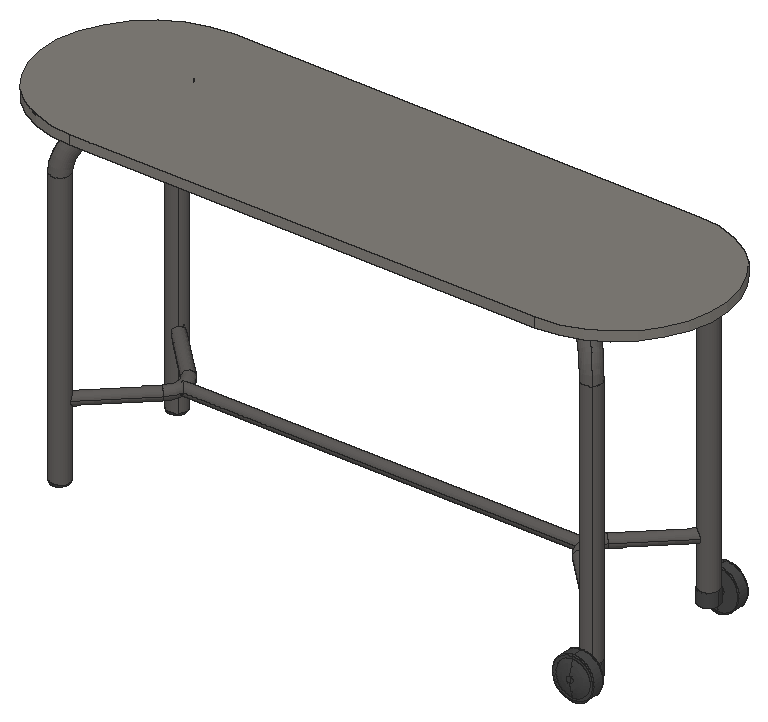
Revit family "Table-Teknion-CQTAZ_Racetrack_Agile_Table-R2020", category Furniture, Revit 2020
Family settings
  OmniClass Number = 23.40.20.00
  OmniClass Title = General Furniture and Specialties
  Work Plane-Based = No
  Always vertical = Yes
  Cut with Voids When Loaded = No
  Shared = Yes
  Room Calculation Point = No
Parameters (values of type "Counter Height")
  Warranty = "http://www.teknion.com/ca/papers/legal-canada"
  Unit Weight URL = "http://www.teknion.com/ca/tools/assets#&asset=bee6a381-b954-425e-8283-5a2de3a804f2,f828d448-4b62-4231-9e5f-9a8991c0ed77"
  URL = "www.teknion.com"
  Sustainability Data = "https://www.teknion.com/ca/tools/assets#&topic=216f99a5-57a0-44fc-b10a-9dee9b29ae4c&asset=444deb64-fe58-4b68-981e-f75e97781df7,b4ff2d81-9f2e-437d-9659-7cffb09c31cf"
  Surface Finish [instance] = Foundation Laminate-Teknion-DR-Striate-Charcoal
  Support Surface = no
  Support Frame = yes
  Series = "Routes"
  Product Page URL = "https://www.teknion.com/ca/products/product-details?productLineId=70f0476f-8e7a-673b-a6c8-ff05004460c4"
  Product Line = "Routes Tables"
  Product Documentation Link = "https://assets.teknion.com/m/72af4764f50e983c/original/Routes-Reference-Guide.pdf"
  Part Number = "CQTAZ"  # constant formula
  Model = "CQTAZC2272"
  Manufacturer Phone = "416-661-3370"  # constant formula
  Manufacturer Fax = "416.661.4586"  # constant formula
  Manufacturer Contact Information = "http://www.teknion.com/ca/contactus"
  Manufacturer Address = "1150 Flint Road, Toronto, ON. M3J 2J5. Canada"  # constant formula
  Manufacturer = "Teknion"  # constant formula
  How To Use Teknion Materials User Guide [instance] = "https://assets.teknion.com/m/205dd0a49fa58060/original/How-to-add-a-Material-Library-and-Texture-Images-to-your-Revit-project.pdf"
  Height = 36.000"
  Frame Finish [instance] = Paint - Teknion - Foundation - Expresso
  For Additional Finishes please visit [instance] = "https://assets.teknion.com/m/44a8009b046e5d47/original/Teknion_Materials_Library.zip"
  Foot Finish = Plastic - Teknion - E - Ebony
  Description = "Racetrack Agile Table, Counter Height, 22\" Depth, 72\" Width"
  Default Elevation = 0.000"
  Caster Finish = Plastic - Teknion - E - Ebony
  Assembly Code = "E2020200"
Types (4): name | Surface Finish | Support Surface | Support Frame | Model | Height | Frame Finish | Description
  (no name) | Foundation Laminate-Teknion-DR-Striate-Charcoal | no | yes | "CQTAZC2272" | 36.000" | Paint - Teknion - Foundation - Expresso | "Racetrack Agile Table, Counter Height, 22\" Depth, 72\" Width"
  Task Height | Foundation Laminate - Teknion - 2C - Urban Walnut | yes | no | "CQTAZT2272" | 29.000" | Paint - Teknion - Foundation - Crisp Grey | "Racetrack Agile Table, Task Height, 22\" Depth, 72\" Width"
  Counter Height | Foundation Laminate-Teknion-DR-Striate-Charcoal | no | yes | "CQTAZC2272" | 36.000" | Paint - Teknion - Foundation - Expresso | "Racetrack Agile Table, Counter Height, 22\" Depth, 72\" Width"
  Bar Height | Foundation Laminate - Teknion - LW - Storm White | no | yes | "CQTAZB2272" | 42.000" | Paint - Teknion - Foundation - Soft Gris | "Racetrack Agile Table, Bar Height, 22\" Depth, 72\" Width"
Reference planes (in)
  plane 1 "Center Front/Back": y = 0
  plane 2: z = 0
  plane 3 "Center Left/Right": x = 0
  plane 4 "Left": x = -36
  plane 5 "Right": x = 36
  plane 6 "Back": y = 11
  plane 7 "Front": y = -11
  plane 8 "Top": z = 36
  plane 9: z = 35
  plane 10: z = 29.75
  plane 11: z = 33.75
  plane 12: z = 34.66211
  plane 13: z = 0.2215
  plane 14: z = 1.57049
  plane 15: z = 2.99163
  plane 16: z = 34.925
  plane 17: z = 33.24982
  plane 18: z = 8
  plane 19: through (-23.0666, 2.41343, 48) normal (0.7071, 0.7071, 0)
  plane 20: x = -28.52048
  plane 21: x = 28.52048
  plane 22: through (-23.0666, -2.41343, 48) normal (-0.7071, 0.7071, 0)
  plane 23: through (23.0666, 2.41343, 48) normal (0.7071, -0.7071, 0)
  plane 24: through (23.0666, -2.41343, 48) normal (-0.7071, -0.7071, 0)
Forms (in)
  Sweep 1, solid, material "Paint - Teknion - Foundation - Expresso" <- "Frame Finish", visible <- "Support Surface"
    path origin (0, 0, 0) x (1, 0, 0) y (0, 0, 1)
      loop
        line (0, 35) -> (0, 34.925)
    profile origin (0, 0, 34.9625) x (0, -1, 0) y (1, 0, 0)
      loop
        line (-0.993, -19.6455) -> (0.993, -19.6455)
        arc (0.993, -19.6455) -> (1.43494, -19.46244) -> (1.618, -19.0205) r 0.625
        line (1.618, -19.0205) -> (1.618, 19.0205)
        arc (1.618, 19.0205) -> (1.43494, 19.46244) -> (0.993, 19.6455) r 0.625
        line (0.993, 19.6455) -> (-0.993, 19.6455)
        arc (-0.993, 19.6455) -> (-1.43494, 19.46244) -> (-1.618, 19.0205) r 0.625
        line (-1.618, 19.0205) -> (-1.618, -19.0205)
        arc (-1.618, -19.0205) -> (-1.43494, -19.46244) -> (-0.993, -19.6455) r 0.625
  SweptBlend 2, solid, material "Paint - Teknion - Foundation - Expresso" <- "Frame Finish", visible <- "Support Surface"
    path origin (0, 0, 0) x (1, 0, 0) y (0, 0, 1)
      loop
        line (0, 34.925) -> (0, 33.24982)
    profile origin (0, 0, 34.925) x (0, -1, 0) y (1, 0, 0)
      loop
        line (0.97669, -18.50606) -> (0.97669, 18.50606)
        arc (0.97669, 18.50606) -> (0.82815, 18.86468) -> (0.46952, 19.01323) r 0.50718
        line (0.46952, 19.01323) -> (-0.46952, 19.01323)
        arc (-0.46952, 19.01323) -> (-0.82815, 18.86468) -> (-0.97669, 18.50606) r 0.50718
        line (-0.97669, 18.50606) -> (-0.97669, -18.50606)
        arc (-0.97669, -18.50606) -> (-0.82815, -18.86468) -> (-0.46952, -19.01323) r 0.50718
        line (-0.46952, -19.01323) -> (0.46952, -19.01323)
        arc (0.46952, -19.01323) -> (0.82815, -18.86468) -> (0.97669, -18.50606) r 0.50718
    end profile origin (0, 0, 33.24982) x (0, -1, 0) y (1, 0, 0)
      loop
        line (-0.098, -18.52209) -> (0.098, -18.52209)
        arc (0.098, -18.52209) -> (0.29255, -18.44151) -> (0.37314, -18.24696) r 0.27514
        line (0.37314, -18.24696) -> (0.37314, 18.24696)
        arc (0.37314, 18.24696) -> (0.29255, 18.44151) -> (0.098, 18.52209) r 0.27514
        line (0.098, 18.52209) -> (-0.098, 18.52209)
        arc (-0.098, 18.52209) -> (-0.29255, 18.44151) -> (-0.37314, 18.24696) r 0.27514
        line (-0.37314, 18.24696) -> (-0.37314, -18.24696)
        arc (-0.37314, -18.24696) -> (-0.29255, -18.44151) -> (-0.098, -18.52209) r 0.27514
  Sweep 3, solid, material "Paint - Teknion - Foundation - Expresso" <- "Frame Finish"
    path origin (0, 0, 0) x (1, 0, 0) y (0, 0, 1)
      loop
        line (-36, 35) -> (-36, 34.66211)
    profile origin (-36, 0, 34.83105) x (0, -1, 0) y (1, 0, 0)
      loop
        arc (6.62174, 11.37674) -> (6.84141, 11.90707) -> (6.62174, 12.4374) r 0.75
        line (6.62174, 12.4374) -> (4.2098, 14.84934)
        arc (4.2098, 14.84934) -> (3.67947, 15.06901) -> (3.14914, 14.84934) r 0.75
        line (3.14914, 14.84934) -> (0.49749, 12.19769)
        arc (0.49749, 12.19769) -> (0.27782, 11.66736) -> (0.49749, 11.13703) r 0.75
        line (0.49749, 11.13703) -> (2.90943, 8.72508)
        arc (2.90943, 8.72508) -> (3.43976, 8.50541) -> (3.97009, 8.72508) r 0.75
        line (3.97009, 8.72508) -> (6.62174, 11.37674)
      loop
        line (-6.62174, 11.37674) -> (-3.97009, 8.72508)
        arc (-3.97009, 8.72508) -> (-3.43976, 8.50541) -> (-2.90943, 8.72508) r 0.75
        line (-2.90943, 8.72508) -> (-0.49749, 11.13703)
        arc (-0.49749, 11.13703) -> (-0.27782, 11.66736) -> (-0.49749, 12.19769) r 0.75
        line (-0.49749, 12.19769) -> (-3.14914, 14.84934)
        arc (-3.14914, 14.84934) -> (-3.67947, 15.06901) -> (-4.2098, 14.84934) r 0.75
        line (-4.2098, 14.84934) -> (-6.62174, 12.4374)
        arc (-6.62174, 12.4374) -> (-6.84141, 11.90707) -> (-6.62174, 11.37674) r 0.75
      loop
        line (6.62174, 60.62326) -> (3.97009, 63.27492)
        arc (3.97009, 63.27492) -> (3.43976, 63.49459) -> (2.90943, 63.27492) r 0.75
        line (2.90943, 63.27492) -> (0.49749, 60.86297)
        arc (0.49749, 60.86297) -> (0.27782, 60.33264) -> (0.49749, 59.80231) r 0.75
        line (0.49749, 59.80231) -> (3.14914, 57.15066)
        arc (3.14914, 57.15066) -> (3.67947, 56.93099) -> (4.2098, 57.15066) r 0.75
        line (4.2098, 57.15066) -> (6.62174, 59.5626)
        arc (6.62174, 59.5626) -> (6.84141, 60.09293) -> (6.62174, 60.62326) r 0.75
      loop
        arc (-6.62174, 60.62326) -> (-6.84141, 60.09293) -> (-6.62174, 59.5626) r 0.75
        line (-6.62174, 59.5626) -> (-4.2098, 57.15066)
        arc (-4.2098, 57.15066) -> (-3.67947, 56.93099) -> (-3.14914, 57.15066) r 0.75
        line (-3.14914, 57.15066) -> (-0.49749, 59.80231)
        arc (-0.49749, 59.80231) -> (-0.27782, 60.33264) -> (-0.49749, 60.86297) r 0.75
        line (-0.49749, 60.86297) -> (-2.90943, 63.27492)
        arc (-2.90943, 63.27492) -> (-3.43976, 63.49459) -> (-3.97009, 63.27492) r 0.75
        line (-3.97009, 63.27492) -> (-6.62174, 60.62326)
  Sweep 4, solid, material "Foundation Laminate-Teknion-DR-Striate-Charcoal" <- "Surface Finish"
    path origin (0, 0, 0) x (1, 0, 0) y (0, 0, 1)
      loop
        line (0, 36) -> (0, 35)
    profile origin (0, 0, 35.5) x (0, -1, 0) y (1, 0, 0)
      loop
        arc (-11, -25) -> (0, -36) -> (11, -25) r 11
        line (11, -25) -> (11, 25)
        arc (11, 25) -> (0, 36) -> (-11, 25) r 11
        line (-11, 25) -> (-11, -25)
  Sweep 5, solid, material "Paint - Teknion - Foundation - Expresso" <- "Frame Finish"
    path origin (-23.0666, -2.41343, 48) x (-0.707107, -0.707107, 0) y (0, 0, 1)
      loop
        line (-1.71291, -14.25) -> (3.71296, -14.25)
        arc (3.71296, -14.25) -> (6.54138, -15.42157) -> (7.71296, -18.25) r 4
        line (7.71296, -18.25) -> (7.71296, -47.7785)
    profile origin (-23.77372, -3.12055, 33.75) x (0, 0, -1) y (0.707107, -0.707107, 0)
      loop
        circle (0, 0) r 1
  Sweep 6, solid, material "Paint - Teknion - Foundation - Expresso" <- "Frame Finish"
    path origin (-23.0666, 2.41343, 48) x (-0.707107, 0.707107, 0) y (0, 0, 1)
      loop
        line (-1.71291, -14.25) -> (3.71296, -14.25)
        arc (3.71296, -14.25) -> (6.54138, -15.42157) -> (7.71296, -18.25) r 4
        line (7.71296, -18.25) -> (7.71296, -47.7785)
    profile origin (-23.77372, 3.12055, 33.75) x (0, 0, 1) y (0.707107, 0.707107, 0)
      loop
        circle (0, 0) r 1
  Sweep 7, solid, material "Paint - Teknion - Foundation - Expresso" <- "Frame Finish"
    path origin (23.0666, -2.41343, 48) x (0.707107, -0.707107, 0) y (0, 0, 1)
      loop
        line (-1.71291, -14.25) -> (3.71296, -14.25)
        arc (3.71296, -14.25) -> (6.54138, -15.42157) -> (7.71296, -18.25) r 4
        line (7.71296, -18.25) -> (7.71296, -45.00837)
    profile origin (23.77372, -3.12055, 33.75) x (0, 0, 1) y (-0.707107, -0.707107, 0)
      loop
        circle (0, 0) r 1
  Sweep 8, solid, material "Paint - Teknion - Foundation - Expresso" <- "Frame Finish"
    path origin (23.0666, 2.41343, 48) x (0.707107, 0.707107, 0) y (0, 0, 1)
      loop
        line (-1.71291, -14.25) -> (3.71296, -14.25)
        arc (3.71296, -14.25) -> (6.54138, -15.42157) -> (7.71296, -18.25) r 4
        line (7.71296, -18.25) -> (7.71296, -45.00837)
    profile origin (23.77372, 3.12055, 33.75) x (0, 0, -1) y (-0.707107, 0.707107, 0)
      loop
        circle (0, 0) r 1
  Revolve 9, solid, material "Plastic - Teknion - E - Ebony" <- "Foot Finish"
    sketch origin (-28.52048, 12.70093, 48) x (0, 1, 0) y (0, 0, 1)
      loop
        line (-4.83362, -47.7785) -> (-4.83362, -48) -> (-4.05512, -48)
        arc (-4.05512, -48) -> (-3.8985, -47.93512) -> (-3.83362, -47.7785) r 0.2215
        line (-3.83362, -47.7785) -> (-4.83362, -47.7785)
      axis (-4.83362, -47.7785) -> (-4.83362, -48)
    angle from 0 to 360
  Revolve 10, solid, material "Plastic - Teknion - E - Ebony" <- "Foot Finish"
    sketch origin (-28.52048, 12.70093, 48) x (0, 1, 0) y (0, 0, 1)
      loop
        line (-20.56825, -47.7785) -> (-21.56825, -47.7785)
        arc (-21.56825, -47.7785) -> (-21.50337, -47.93512) -> (-21.34675, -48) r 0.2215
        line (-21.34675, -48) -> (-20.56825, -48) -> (-20.56825, -47.7785)
      axis (-20.56825, -47.7785) -> (-20.56825, -48)
    angle from 0 to 360
  Sweep 11, solid, material "Paint - Teknion - Foundation - Expresso" <- "Frame Finish", visible <- "Support Frame"
    path origin (-37.6282, -180, 8) x (-1, 0, 0) y (0, -1, 0)
      loop
        line (-9.10772, -172.13269) -> (-15.19312, -178.21809)
        arc (-15.19312, -178.21809) -> (-15.93121, -180) -> (-15.19312, -181.78191) r 2.52
        line (-15.19312, -181.78191) -> (-9.10772, -187.86731)
    profile origin (-25.47778, 4.82461, 8) x (-0.707107, -0.707107, 0) y (0, 0, 1)
      loop
        circle (0, 0) r 0.62531
  Sweep 12, solid, material "Paint - Teknion - Foundation - Expresso" <- "Frame Finish", visible <- "Support Frame"
    path origin (-37.6282, -180, 8) x (-1, 0, 0) y (0, -1, 0)
      loop
        line (-66.14868, -187.86731) -> (-60.06328, -181.78191)
        arc (-60.06328, -181.78191) -> (-59.32519, -180) -> (-60.06328, -178.21809) r 2.52
        line (-60.06328, -178.21809) -> (-66.14868, -172.13269)
    profile origin (25.47778, 4.82461, 8) x (0.707107, -0.707107, 0) y (0, 0, 1)
      loop
        circle (0, 0) r 0.62539
  Sweep 13, solid, material "Paint - Teknion - Foundation - Expresso" <- "Frame Finish", visible <- "Support Frame"
    path origin (-37.6282, -180, 8) x (-1, 0, 0) y (0, -1, 0)
      loop
        line (-15.98272, -180) -> (-59.27388, -180)
    profile origin (0.0001, 0, 8) x (0, 1, 0) y (0, 0, 1)
      loop
        circle (0, 0) r 0.62507
  Sweep 14, solid, material "Plastic - Teknion - E - Ebony" <- "Foot Finish"
    path origin (28.52048, 12.70093, 48) x (0, 1, 0) y (0, 0, 1)
      loop
        line (-12.70093, -45.00837) -> (-12.70093, -46.42951)
    profile origin (28.52048, 0, 2.28106) x (1, 0, 0) y (0, 1, 0)
      loop
        circle (0, 7.86731) r 1.06
      loop
        circle (0, -7.86731) r 1.06
  Revolve 15, solid, material "Plastic - Teknion - E - Ebony" <- "Foot Finish"
    sketch origin (28.52048, 12.70093, 48) x (0, 1, 0) y (0, 0, 1)
      loop
        line (-21.78525, -47.9408) -> (-21.78525, -46.36428)
        arc (-21.78525, -46.36428) -> (-21.75947, -46.30206) -> (-21.69725, -46.27628) r 0.088
        line (-21.69725, -46.27628) -> (-21.40769, -46.27628) -> (-21.40769, -45.76568) -> (-23.41714, -45.76568) -> (-23.41714, -46.14793)
        arc (-23.41714, -46.14793) -> (-23.32532, -46.89469) -> (-23.05533, -47.59696) r 3.08254
        line (-23.05533, -47.59696) -> (-23.05533, -47.9408)
        arc (-23.05533, -47.9408) -> (-23.03799, -47.98266) -> (-22.99613, -48) r 0.0592
        line (-22.99613, -48) -> (-21.84444, -48)
        arc (-21.84444, -48) -> (-21.80259, -47.98266) -> (-21.78525, -47.9408) r 0.0592
      loop
        arc (-3.61662, -47.9408) -> (-3.59928, -47.98266) -> (-3.55743, -48) r 0.0592
        line (-3.55743, -48) -> (-2.40574, -48)
        arc (-2.40574, -48) -> (-2.36388, -47.98266) -> (-2.34654, -47.9408) r 0.0592
        line (-2.34654, -47.9408) -> (-2.34654, -47.59696)
        arc (-2.34654, -47.59696) -> (-2.07655, -46.89469) -> (-1.98473, -46.14793) r 3.08254
        line (-1.98473, -46.14793) -> (-1.98473, -45.76568) -> (-3.99418, -45.76568) -> (-3.99418, -46.27628) -> (-3.70462, -46.27628)
        arc (-3.70462, -46.27628) -> (-3.6424, -46.30206) -> (-3.61662, -46.36428) r 0.088
        line (-3.61662, -46.36428) -> (-3.61662, -47.9408)
      axis (-23.41714, -45.76568) -> (-1.98473, -45.76568)
    angle from 0 to 360
Lines and regions (in)
  Masking region 1
    outline origin (-37.6282, -180, 8) x (-1, 0, 0) y (0, -1, 0)
      loop
        arc (-62.6282, -169) -> (-63.96148, -169.0811) -> (-65.2751, -169.32321) r 11
        arc (-65.2751, -169.32321) -> (-65.51998, -169.29367) -> (-65.76643, -169.2838) r 3.08254
        line (-65.76643, -169.2838) -> (-66.53094, -169.2838)
        arc (-66.53094, -169.2838) -> (-67.2777, -169.37562) -> (-67.97997, -169.64561) r 3.08254
        line (-67.97997, -169.64561) -> (-68.32381, -169.64561)
        arc (-68.32381, -169.64561) -> (-68.36567, -169.66295) -> (-68.38301, -169.7048) r 0.0592
        line (-68.38301, -169.7048) -> (-68.38301, -170.62545)
        arc (-68.38301, -170.62545) -> (-73.6282, -180) -> (-68.38301, -189.37455) r 11
        line (-68.38301, -189.37455) -> (-68.38301, -190.2952)
        arc (-68.38301, -190.2952) -> (-68.36567, -190.33705) -> (-68.32381, -190.35439) r 0.0592
        line (-68.32381, -190.35439) -> (-67.97997, -190.35439)
        arc (-67.97997, -190.35439) -> (-67.2777, -190.62438) -> (-66.53094, -190.7162) r 3.08254
        line (-66.53094, -190.7162) -> (-65.76643, -190.7162)
        arc (-65.76643, -190.7162) -> (-65.51998, -190.70633) -> (-65.2751, -190.67679) r 3.08254
        arc (-65.2751, -190.67679) -> (-63.96148, -190.9189) -> (-62.6282, -191) r 11
        line (-62.6282, -191) -> (-12.6282, -191)
        arc (-12.6282, -191) -> (-1.6282, -180) -> (-12.6282, -169) r 11
        line (-12.6282, -169) -> (-62.6282, -169)
  reference lines
    curve 1: line (-36, 11, 0) -> (-36, -11, 0)
    curve 2: line (-36, -11, 0) -> (36, -11, 0)
    curve 3: line (36, -11, 0) -> (36, 11, 0)
    curve 4: line (36, 11, 0) -> (-36, 11, 0)
  symbolic lines, style "FurnitureHiddenLines", visible <- "Support Surface", detail levels medium+fine
    curve 5: line (19.0205, 1.618, 0) -> (-19.0205, 1.618, 0)
    curve 6: line (-19.6455, 0.993, 0) -> (-19.6455, -0.993, 0)
    curve 7: line (-19.0205, -1.618, 0) -> (19.0205, -1.618, 0)
    curve 8: arc (-19.6455, -0.993, 0) -> (-19.46244, -1.43494, 0) -> (-19.0205, -1.618, 0) r 0.625
    curve 9: arc (-19.0205, 1.618, 0) -> (-19.46244, 1.43494, 0) -> (-19.6455, 0.993, 0) r 0.625
    curve 10: line (19.6455, -0.993, 0) -> (19.6455, 0.993, 0)
    curve 11: arc (19.6455, 0.993, 0) -> (19.46244, 1.43494, 0) -> (19.0205, 1.618, 0) r 0.625
    curve 12: arc (19.0205, -1.618, 0) -> (19.46244, -1.43494, 0) -> (19.6455, -0.993, 0) r 0.625
    curve 13: line (-18.50606, -0.97669, 0) -> (18.50606, -0.97669, 0)
    curve 14: line (18.24696, -0.37314, 0) -> (-18.24696, -0.37314, 0)
    curve 15: line (-18.24696, 0.37314, 0) -> (18.24696, 0.37314, 0)
    curve 16: line (18.50606, 0.97669, 0) -> (-18.50606, 0.97669, 0)
    curve 17: line (19.01323, -0.46952, 0) -> (19.01323, 0.46952, 0)
    curve 18: line (18.52209, 0.098, 0) -> (18.52209, -0.098, 0)
    curve 19: arc (18.24696, 0.37314, 0) -> (18.44151, 0.29255, 0) -> (18.52209, 0.098, 0) r 0.27514
    curve 20: arc (19.01323, 0.46952, 0) -> (18.86468, 0.82815, 0) -> (18.50606, 0.97669, 0) r 0.50718
    curve 21: arc (18.50606, -0.97669, 0) -> (18.86468, -0.82815, 0) -> (19.01323, -0.46952, 0) r 0.50718
    curve 22: arc (18.52209, -0.098, 0) -> (18.44151, -0.29255, 0) -> (18.24696, -0.37314, 0) r 0.27514
    curve 23: line (-19.01323, 0.46952, 0) -> (-19.01323, -0.46952, 0)
    curve 24: arc (-18.50606, 0.97669, 0) -> (-18.86468, 0.82815, 0) -> (-19.01323, 0.46952, 0) r 0.50718
    curve 25: arc (-19.01323, -0.46952, 0) -> (-18.86468, -0.82815, 0) -> (-18.50606, -0.97669, 0) r 0.50718
    curve 26: line (-18.52209, -0.098, 0) -> (-18.52209, 0.098, 0)
    curve 27: arc (-18.52209, 0.098, 0) -> (-18.44151, 0.29255, 0) -> (-18.24696, 0.37314, 0) r 0.27514
    curve 28: arc (-18.24696, -0.37314, 0) -> (-18.44151, -0.29255, 0) -> (-18.52209, -0.098, 0) r 0.27514
  symbolic lines, style "FurnitureHiddenLines", detail levels medium+fine
    curve 29: line (-21.15066, 4.2098, 8) -> (-23.5626, 6.62174, 8)
    curve 30: arc (-23.5626, 6.62174, 8) -> (-24.09293, 6.84141, 8) -> (-24.62326, 6.62174, 8) r 0.75
    curve 31: line (-24.62326, 6.62174, 8) -> (-27.27492, 3.97009, 8)
    curve 32: arc (-27.27492, 3.97009, 8) -> (-27.49459, 3.43976, 8) -> (-27.27492, 2.90943, 8) r 0.75
    curve 33: line (-27.27492, 2.90943, 8) -> (-24.86297, 0.49749, 8)
    curve 34: arc (-24.86297, 0.49749, 8) -> (-24.33264, 0.27782, 8) -> (-23.80231, 0.49749, 8) r 0.75
    curve 35: line (-23.80231, 0.49749, 8) -> (-21.15066, 3.14914, 8)
    curve 36: arc (-21.15066, 3.14914, 8) -> (-20.93099, 3.67947, 8) -> (-21.15066, 4.2098, 8) r 0.75
    curve 37: line (-21.15066, -3.14914, 8) -> (-23.80231, -0.49749, 8)
    curve 38: arc (-23.80231, -0.49749, 8) -> (-24.33264, -0.27782, 8) -> (-24.86297, -0.49749, 8) r 0.75
    curve 39: line (-24.86297, -0.49749, 8) -> (-27.27492, -2.90943, 8)
    curve 40: arc (-27.27492, -2.90943, 8) -> (-27.49459, -3.43976, 8) -> (-27.27492, -3.97009, 8) r 0.75
    curve 41: line (-27.27492, -3.97009, 8) -> (-24.62326, -6.62174, 8)
    curve 42: arc (-24.62326, -6.62174, 8) -> (-24.09293, -6.84141, 8) -> (-23.5626, -6.62174, 8) r 0.75
    curve 43: line (-23.5626, -6.62174, 8) -> (-21.15066, -4.2098, 8)
    curve 44: arc (-21.15066, -4.2098, 8) -> (-20.93099, -3.67947, 8) -> (-21.15066, -3.14914, 8) r 0.75
    curve 45: line (21.15066, -4.2098, 8) -> (23.5626, -6.62174, 8)
    curve 46: arc (23.5626, -6.62174, 8) -> (24.09293, -6.84141, 8) -> (24.62326, -6.62174, 8) r 0.75
    curve 47: line (24.62326, -6.62174, 8) -> (27.27492, -3.97009, 8)
    curve 48: arc (27.27492, -3.97009, 8) -> (27.49459, -3.43976, 8) -> (27.27492, -2.90943, 8) r 0.75
    curve 49: line (27.27492, -2.90943, 8) -> (24.86297, -0.49749, 8)
    curve 50: arc (24.86297, -0.49749, 8) -> (24.33264, -0.27782, 8) -> (23.80231, -0.49749, 8) r 0.75
    curve 51: line (23.80231, -0.49749, 8) -> (21.15066, -3.14914, 8)
    curve 52: arc (21.15066, -3.14914, 8) -> (20.93099, -3.67947, 8) -> (21.15066, -4.2098, 8) r 0.75
    curve 53: line (24.86297, 0.49749, 8) -> (27.27492, 2.90943, 8)
    curve 54: arc (27.27492, 2.90943, 8) -> (27.49459, 3.43976, 8) -> (27.27492, 3.97009, 8) r 0.75
    curve 55: line (27.27492, 3.97009, 8) -> (24.62326, 6.62174, 8)
    curve 56: arc (24.62326, 6.62174, 8) -> (24.09293, 6.84141, 8) -> (23.5626, 6.62174, 8) r 0.75
    curve 57: line (23.5626, 6.62174, 8) -> (21.15066, 4.2098, 8)
    curve 58: arc (21.15066, 4.2098, 8) -> (20.93099, 3.67947, 8) -> (21.15066, 3.14914, 8) r 0.75
    curve 59: line (21.15066, 3.14914, 8) -> (23.80231, 0.49749, 8)
    curve 60: arc (23.80231, 0.49749, 8) -> (24.33264, 0.27782, 8) -> (24.86297, 0.49749, 8) r 0.75
    curve 61: arc (-29.22759, -8.57442, 8) -> (-27.81338, -8.57442, 8) -> (-27.81338, -7.16021, 8) r 1
    curve 62: arc (-27.81338, -7.16021, 8) -> (-29.22759, -7.16021, 8) -> (-29.22759, -8.57442, 8) r 1
    curve 63: line (-29.22759, -7.16021, 8) -> (-22.56249, -0.49511, 8)
    curve 64: line (-27.81338, -8.57442, 8) -> (-21.14828, -1.90932, 8)
    curve 65: line (-22.56249, -0.49511, 8) -> (-21.14828, -1.90932, 8)
    curve 66: arc (-27.81338, 7.16021, 8) -> (-27.81338, 8.57442, 8) -> (-29.22759, 8.57442, 8) r 1
    curve 67: arc (-29.22759, 8.57442, 8) -> (-29.22759, 7.16021, 8) -> (-27.81338, 7.16021, 8) r 1
    curve 68: line (-29.22759, 7.16021, 8) -> (-22.56249, 0.49511, 8)
    curve 69: line (-27.81338, 8.57442, 8) -> (-21.14828, 1.90932, 8)
    curve 70: line (-21.14828, 1.90932, 8) -> (-22.56249, 0.49511, 8)
    curve 71: arc (27.81338, 7.16021, 8) -> (29.22759, 7.16021, 8) -> (29.22759, 8.57442, 8) r 1
    curve 72: arc (29.22759, 8.57442, 8) -> (27.81338, 8.57442, 8) -> (27.81338, 7.16021, 8) r 1
    curve 73: line (27.81338, 8.57442, 8) -> (21.14828, 1.90932, 8)
    curve 74: line (29.22759, 7.16021, 8) -> (22.56249, 0.49511, 8)
    curve 75: line (22.56249, 0.49511, 8) -> (21.14828, 1.90932, 8)
    curve 76: arc (29.22759, -8.57442, 8) -> (29.22759, -7.16021, 8) -> (27.81338, -7.16021, 8) r 1
    curve 77: arc (27.81338, -7.16021, 8) -> (27.81338, -8.57442, 8) -> (29.22759, -8.57442, 8) r 1
    curve 78: line (29.22759, -7.16021, 8) -> (22.56249, -0.49511, 8)
    curve 79: line (27.81338, -8.57442, 8) -> (21.14828, -1.90932, 8)
    curve 80: line (21.14828, -1.90932, 8) -> (22.56249, -0.49511, 8)
  symbolic lines
    curve 81: arc (25, -11, 8) -> (36, 0, 8) -> (25, 11, 8) r 11
  symbolic lines, style "FurnitureHiddenLines", visible <- "Support Frame", detail levels medium+fine
    curve 82: line (28.41093, 6.87333, 8) -> (22.87734, 1.33974, 8)
    curve 83: line (27.5265, 7.75776, 8) -> (21.99291, 2.22417, 8)
    curve 84: line (28.41093, -6.87333, 8) -> (22.87734, -1.33974, 8)
    curve 85: line (27.5265, -7.75776, 8) -> (21.99291, -2.22417, 8)
    curve 86: arc (22.87734, 1.33974, 8) -> (22.3224, 0, 8) -> (22.87734, -1.33974, 8) r 1.89467
    curve 87: arc (21.99291, -2.22417, 8) -> (21.07163, 0, 8) -> (21.99291, 2.22417, 8) r 3.14545
    curve 88: line (-27.52651, 7.75767, 8) -> (-21.99296, 2.22412, 8)
    curve 89: line (-28.41084, 6.87334, 8) -> (-22.87729, 1.33979, 8)
    curve 90: line (-27.52651, -7.75767, 8) -> (-21.99296, -2.22412, 8)
    curve 91: line (-28.41084, -6.87334, 8) -> (-22.87729, -1.33979, 8)
    curve 92: arc (-22.87729, 1.33979, 8) -> (-22.32233, 0, 8) -> (-22.87729, -1.33979, 8) r 1.89475
    curve 93: arc (-21.99296, -2.22412, 8) -> (-21.0717, 0, 8) -> (-21.99296, 2.22412, 8) r 3.14537
    curve 94: line (-21.13443, 0.62507, 8) -> (21.13436, 0.62507, 8)
    curve 95: line (21.13436, -0.62507, 8) -> (-21.13443, -0.62507, 8)
  symbolic lines, style "FurnitureHiddenLines", detail levels fine
    curve 96: arc (29.58048, 7.86731, 8) -> (28.52048, 8.92731, 8) -> (27.46048, 7.86731, 8) r 1.06
    curve 97: arc (27.46048, 7.86731, 8) -> (28.52048, 6.80731, 8) -> (29.58048, 7.86731, 8) r 1.06
    curve 98: arc (27.46048, -7.86731, 8) -> (28.52048, -8.92731, 8) -> (29.58048, -7.86731, 8) r 1.06
    curve 99: arc (29.58048, -7.86731, 8) -> (28.52048, -6.80731, 8) -> (27.46048, -7.86731, 8) r 1.06
    curve 100: line (26.6892, -10.35439, 8) -> (28.72226, -10.35439, 8)
    curve 101: line (30.75481, -9.08431, 8) -> (30.75481, -9.37455, 8)
    curve 102: line (29.03109, -9.08431, 8) -> (29.03109, -8.70675, 8)
    curve 103: line (26.28616, -9.08431, 8) -> (30.75481, -9.08431, 8)
    curve 104: line (26.6892, -10.35439, 8) -> (26.28616, -10.35439, 8)
    curve 105: line (26.28616, -9.08431, 8) -> (26.28616, -10.35439, 8)
    curve 106: line (28.00988, -9.08431, 8) -> (28.00988, -8.70675, 8)
    curve 107: line (29.03109, -8.70675, 8) -> (28.00988, -8.70675, 8)
    curve 108: arc (26.6892, -10.35439, 8) -> (27.39147, -10.62438, 8) -> (28.13823, -10.7162, 8) r 3.08254
    curve 110: line (26.6892, 10.35439, 8) -> (28.72226, 10.35439, 8)
    curve 111: line (30.75481, 9.08431, 8) -> (30.75481, 9.37455, 8)
    curve 112: line (29.03109, 9.08431, 8) -> (29.03109, 8.70675, 8)
    curve 113: line (26.28616, 9.08431, 8) -> (30.75481, 9.08431, 8)
    curve 114: line (26.6892, 10.35439, 8) -> (26.28616, 10.35439, 8)
    curve 115: line (26.28616, 9.08431, 8) -> (26.28616, 10.35439, 8)
    curve 116: line (28.00988, 9.08431, 8) -> (28.00988, 8.70675, 8)
    curve 117: line (29.03109, 8.70675, 8) -> (28.00988, 8.70675, 8)
    curve 118: arc (26.6892, 10.35439, 8) -> (27.39147, 10.62438, 8) -> (28.13823, 10.7162, 8) r 3.08254
  symbolic lines, style "Furniture"
    curve 109: line (28.72226, -10.35439, 8) -> (30.35177, -10.35439, 8)
    curve 119: line (28.72226, 10.35439, 8) -> (30.35177, 10.35439, 8)
Dimensions and locks (in)
  locked: plane 4 "Left" to plane 5 "Right" at 72
  locked: plane 6 "Back" to plane 7 "Front" at 22
  "Height": plane 8 "Top" to level
  equal spacing: plane 6 "Back", plane 1 "Center Front/Back", plane 7 "Front"
  equal spacing: plane 4 "Left", plane 3 "Center Left/Right", plane 5 "Right"
  locked: plane 8 "Top" to plane 9 at 1
  plane 8 "Top" to plane 11 to plane 10 = 2.250" locked, 4.000" locked
  locked: plane 9 to plane 12 at 0.33789
  locked: plane 13 to plane 2 at 0.2215
  plane 15 to plane 14 to plane 2 = 1.42113" locked, 1.57049" locked
  plane 9 to plane 16 to plane 17 = 0.075" locked, 1.67518" locked
  locked: plane 18 to plane 2 at 8
  locked: Sweep 1 to SweptBlend 2 sketch curve at 0.63227
  locked: Sweep 1 to SweptBlend 2 sketch curve at 1.13944
  locked: SweptBlend 2 sketch curve to Sweep 1 at 0.63227
  locked: SweptBlend 2 sketch curve to Sweep 1 at 1.13944
  SweptBlend 2 sketch curve to plane 1 "Center Front/Back" to SweptBlend 2 sketch curve = 0.97669" locked, 0.97669" locked
  locked: Sweep 1 to SweptBlend 2 sketch curve at 1.12341
  locked: Sweep 1 to SweptBlend 2 sketch curve at 1.39854
  locked: SweptBlend 2 sketch curve to Sweep 1 at 1.12341
  locked: SweptBlend 2 sketch curve to Sweep 1 at 1.39854
  SweptBlend 2 sketch curve to plane 1 "Center Front/Back" to SweptBlend 2 sketch curve = 0.37314" locked, 0.37314" locked
  Sweep 3 sketch curve to Sweep 3 sketch curve to Sweep 3 sketch curve to Sweep 3 sketch curve to plane 1 "Center Front/Back" to Sweep 3 sketch curve to Sweep 3 sketch curve to Sweep 3 sketch curve to Sweep 3 sketch curve = 2.41194" locked, 0.23971" locked, 2.41194" locked, 1.02782" locked, 1.02782" locked, 2.41194" locked, 0.23971" locked, 2.41194" locked  (x2)
  Sweep 3 sketch curve to Sweep 3 sketch curve to Sweep 3 sketch curve to Sweep 3 sketch curve to plane 3 "Center Left/Right" to Sweep 3 sketch curve to Sweep 3 sketch curve to Sweep 3 sketch curve to Sweep 3 sketch curve = 2.41194" locked, 0.23971" locked, 2.41194" locked, 21.68099" locked, 21.68099" locked, 2.41194" locked, 0.23971" locked, 2.41194" locked  (x2)
  Sweep 4 sketch curve to plane 3 "Center Left/Right" to Sweep 4 sketch curve = 25.000" locked, 25.000" locked
  locked: plane 3 "Center Left/Right" to Sweep 5 sketch curve at 23.77372
  plane 20 to plane 3 "Center Left/Right" to plane 21 = 28.52048" locked, 28.52048" locked
  Sweep 6 sketch curve to Sweep 6 sketch curve to plane 20 = 3.83667" locked, 2.82843" locked
  locked: plane 3 "Center Left/Right" to Sweep 6 sketch curve at 23.77372
  Sweep 5 sketch curve to Sweep 5 sketch curve to plane 20 = 3.83667" locked, 2.82843" locked
  plane 21 to Sweep 7 sketch curve to Sweep 7 sketch curve = 2.82843" locked, 3.83667" locked
  locked: Sweep 7 sketch curve to plane 3 "Center Left/Right" at 23.77372
  plane 21 to Sweep 8 sketch curve to Sweep 8 sketch curve = 2.82843" locked, 3.83667" locked
  locked: Sweep 8 sketch curve to plane 3 "Center Left/Right" at 23.77372
  Revolve 9 sketch curve to Revolve 9 sketch curve to Revolve 9 sketch curve to plane 1 "Center Front/Back" = 0.2215" locked, 0.7785" locked, 7.86731" locked
  plane 1 "Center Front/Back" to Revolve 10 sketch curve to Revolve 10 sketch curve to Revolve 10 sketch curve = 7.86731" locked, 0.7785" locked, 0.2215" locked
  locked: plane 20 to Sweep 11 sketch curve at 4.30349
  locked: Sweep 11 sketch curve to plane 1 "Center Front/Back" at 4.82461
  locked: Sweep 12 sketch curve to plane 21 at 4.30349
  locked: plane 1 "Center Front/Back" to Sweep 12 sketch curve at 4.82461
  locked: plane 20 to Sweep 13 sketch curve at 6.875
  locked: Sweep 13 sketch curve to plane 21 at 6.87481
  Sweep 14 sketch curve to plane 1 "Center Front/Back" to Sweep 14 sketch curve = 7.86731" locked, 7.86731" locked
  Revolve 15 sketch curve to Revolve 15 sketch curve to Revolve 15 sketch curve to Revolve 15 sketch curve to plane 2 = 0.38225" locked, 1.44903" locked, 0.34384" locked, 0.0592" locked  (x2)
  Revolve 15 sketch curve to Revolve 15 sketch curve to Revolve 15 sketch curve to plane 2 = 0.088" locked, 1.57653" locked, 0.0592" locked  (x2)
  Revolve 15 sketch curve to Revolve 15 sketch curve to Revolve 15 sketch curve to Revolve 15 sketch curve to Revolve 15 sketch curve to plane 1 "Center Front/Back" to Revolve 15 sketch curve to Revolve 15 sketch curve to Revolve 15 sketch curve to Revolve 15 sketch curve to Revolve 15 sketch curve = 0.36181" locked, 1.27008" locked, 0.088" locked, 0.28956" locked, 8.70675" locked, 8.70675" locked, 0.28956" locked, 0.088" locked, 1.27008" locked, 0.36181" locked
  Masking region 1 sketch curve to Masking region 1 sketch curve to plane 21 to Masking region 1 sketch curve to Masking region 1 sketch curve to Masking region 1 sketch curve to Masking region 1 sketch curve = 0.49133" locked, 0.38225" locked, 0.38225" locked, 1.44903" locked, 0.34384" locked, 0.0592" locked  (x2)
  curve 105 to curve 108 to curve 106 to curve 108 to plane 21 to curve 109 to curve 102 to curve 101 = 0.40304" locked, 1.32068" locked, 0.12835" locked, 0.38225" locked, 0.20178" locked, 0.30883" locked, 1.72372" locked
  locked: plane 7 "Front" to curve 103 at 1.91569
  locked: plane 6 "Back" to curve 113 at 1.91569
  curve 115 to curve 118 to curve 116 to Masking region 1 to plane 21 to curve 119 to curve 112 to curve 111 = 0.40304" locked, 1.32068" locked, 0.12835" locked, 0.38225" locked, 0.20178" locked, 0.30883" locked, 1.72372" locked
  Sweep 1 sketch curve to Sweep 1 sketch curve to plane 3 "Center Left/Right" to Sweep 1 sketch curve to Sweep 1 sketch curve = 0.625" locked, 19.0205" locked, 19.0205" locked, 0.625" locked
  Sweep 1 sketch curve to Sweep 1 sketch curve to plane 1 "Center Front/Back" to Sweep 1 sketch curve to Sweep 1 sketch curve = 0.625" locked, 0.993" locked, 0.993" locked, 0.625" locked
  aligned and locked: level to plane 2
  aligned and locked: Sweep 1 sketch curve to plane 3 "Center Left/Right"
  aligned and locked: plane 9 to Sweep 1 sketch curve
  aligned and locked: plane 16 to Sweep 1 sketch curve
  aligned and locked: plane 17 to SweptBlend 2 sketch curve
  aligned and locked: SweptBlend 2 sketch curve to plane 3 "Center Left/Right"
  aligned and locked: plane 16 to SweptBlend 2 sketch curve
  aligned and locked: Sweep 3 sketch curve to plane 4 "Left"
  aligned and locked: plane 12 to Sweep 3 sketch curve
  aligned and locked: plane 9 to Sweep 3 sketch curve
  aligned and locked: plane 6 "Back" to curve 4
  aligned and locked: curve 1 to plane 4 "Left"
  aligned and locked: curve 6 to Sweep 1
  aligned and locked: curve 23 to SweptBlend 2
  aligned and locked: curve 26 to SweptBlend 2
  aligned and locked: curve 18 to SweptBlend 2
  aligned and locked: curve 17 to SweptBlend 2
  aligned and locked: curve 10 to Sweep 1
  aligned and locked: plane 9 to Sweep 4 sketch curve
  aligned and locked: Sweep 4 sketch curve to plane 3 "Center Left/Right"
  aligned and locked: plane 8 "Top" to Sweep 4 sketch curve
  aligned and locked: plane 6 "Back" to Sweep 4 sketch curve
  aligned and locked: plane 1 "Center Front/Back" to Sweep 4 sketch curve  (x2)
  aligned and locked: plane 13 to Sweep 5 sketch curve
  aligned and locked: plane 10 to Sweep 5 sketch curve
  aligned and locked: plane 11 to Sweep 5 sketch curve  (x2)
  aligned and locked: plane 20 to Sweep 5 sketch curve
  aligned and locked: Sweep 6 sketch curve to plane 11
  aligned and locked: Sweep 6 sketch curve to plane 20
  aligned and locked: plane 13 to Sweep 6 sketch curve
  aligned and locked: plane 10 to Sweep 6 sketch curve
  aligned and locked: plane 11 to Sweep 6 sketch curve
  aligned and locked: plane 15 to Sweep 7 sketch curve
  aligned and locked: plane 21 to Sweep 7 sketch curve
  aligned and locked: Sweep 7 sketch curve to plane 11
  aligned and locked: plane 10 to Sweep 7 sketch curve
  aligned and locked: plane 11 to Sweep 7 sketch curve
  aligned and locked: plane 10 to Sweep 8 sketch curve
  aligned and locked: Sweep 8 sketch curve to plane 21
  aligned and locked: plane 15 to Sweep 8 sketch curve
  aligned and locked: plane 11 to Sweep 8 sketch curve  (x2)
  aligned and locked: Revolve 9 sketch curve to plane 13
  aligned and locked: Revolve 9 sketch curve to plane 2
  aligned and locked: Revolve 9 sketch curve to Revolve 9 sketch curve
  aligned and locked: Revolve 10 sketch curve to plane 13
  aligned and locked: Revolve 10 sketch curve to plane 2
  aligned and locked: Revolve 10 sketch curve to Revolve 10 sketch curve
  aligned and locked: plane 19 to Sweep 11 sketch curve
  aligned and locked: plane 22 to Sweep 11 sketch curve
  aligned and locked: plane 20 to Sweep 11 sketch curve  (x2)
  aligned and locked: plane 1 "Center Front/Back" to Sweep 11 sketch curve
  aligned and locked: plane 18 to Sweep 11 sketch curve
  aligned and locked: plane 24 to Sweep 12 sketch curve
  aligned and locked: plane 23 to Sweep 12 sketch curve
  aligned and locked: plane 21 to Sweep 12 sketch curve  (x2)
  aligned and locked: plane 1 "Center Front/Back" to Sweep 12 sketch curve
  aligned and locked: plane 18 to Sweep 12 sketch curve
  aligned and locked: plane 1 "Center Front/Back" to Sweep 13 sketch curve  (x2)
  aligned and locked: plane 18 to Sweep 13 sketch curve
  aligned and locked: plane 15 to Sweep 14 sketch curve
  aligned and locked: plane 14 to Sweep 14 sketch curve
  aligned and locked: plane 1 "Center Front/Back" to Sweep 14 sketch curve
  aligned and locked: plane 21 to Sweep 14 sketch curve  (x2)
  aligned and locked: plane 2 to Revolve 15 sketch curve
  aligned and locked: Revolve 15 sketch curve to plane 2
  aligned and locked: Revolve 15 sketch curve to Revolve 15 sketch curve
  aligned and locked: Masking region 1 sketch curve to Sweep 4  (x3)
  aligned and locked: curve 30 to Sweep 3
  aligned and locked: curve 32 to Sweep 3
  aligned and locked: curve 34 to Sweep 3
  aligned and locked: curve 36 to Sweep 3
  aligned and locked: curve 38 to Sweep 3
  aligned and locked: curve 40 to Sweep 3
  aligned and locked: curve 42 to Sweep 3
  aligned and locked: curve 44 to Sweep 3
  aligned and locked: curve 46 to Sweep 3
  aligned and locked: curve 48 to Sweep 3
  aligned and locked: curve 50 to Sweep 3
  aligned and locked: curve 52 to Sweep 3
  aligned and locked: curve 54 to Sweep 3
  aligned and locked: curve 56 to Sweep 3
  aligned and locked: curve 58 to Sweep 3
  aligned and locked: curve 60 to Sweep 3
  aligned and locked: curve 61 to Sweep 5
  aligned and locked: curve 62 to Sweep 5
  aligned and locked: Sweep 5 to curve 64
  aligned and locked: curve 65 to Sweep 5
  aligned and locked: curve 66 to Sweep 6
  aligned and locked: curve 67 to Sweep 6
  aligned and locked: Sweep 6 to curve 68
  aligned and locked: curve 70 to Sweep 6
  aligned and locked: curve 71 to Sweep 8
  aligned and locked: curve 72 to Sweep 8
  aligned and locked: Sweep 8 to curve 73
  aligned and locked: curve 75 to Sweep 8
  aligned and locked: curve 76 to Sweep 7
  aligned and locked: curve 77 to Sweep 7
  aligned and locked: curve 79 to Sweep 7
  aligned and locked: Sweep 7 to curve 78
  aligned and locked: Masking region 1 sketch curve to Revolve 15
  aligned and locked: curve 81 to Sweep 4
  aligned and locked: Sweep 12 to curve 82
  aligned and locked: Sweep 12 to curve 83
  aligned and locked: Sweep 12 to curve 84
  aligned and locked: Sweep 12 to curve 85
  aligned and locked: Sweep 11 to curve 88
  aligned and locked: Sweep 11 to curve 89
  aligned and locked: Sweep 11 to curve 91
  aligned and locked: Sweep 11 to curve 90
  aligned and locked: Sweep 13 to curve 94
  aligned and locked: curve 96 to Sweep 14
  aligned and locked: curve 97 to Sweep 14
  aligned and locked: curve 98 to Sweep 14
  aligned and locked: curve 99 to Sweep 14
  aligned and locked: Masking region 1 to Revolve 15
  aligned and locked: curve 100 to Masking region 1
  aligned and locked: curve 107 to Revolve 15
  aligned and locked: Revolve 15 to Masking region 1
  aligned and locked: curve 117 to Revolve 15
  aligned and locked: curve 110 to Masking region 1
  aligned and locked: Masking region 1 to curve 118
Automatic sketch dimensions
  curve 4 to plane 5 "Right" = 0.000"
  plane 7 "Front" to curve 1 = 0.000"
  plane 19 to Sweep 5 sketch curve = 7.12606"
  plane 19 to Sweep 5 sketch curve = 1.70019"
  Sweep 5 sketch curve to plane 22 = 0.000"
  plane 10 to Sweep 6 sketch curve = 0.000"
  level to Sweep 6 sketch curve = 0.2215"
  Sweep 6 sketch curve to plane 22 = 7.12606"
  Sweep 6 sketch curve to plane 22 = 1.70019"
  Sweep 6 sketch curve to plane 19 = 0.000"
  Sweep 7 sketch curve to plane 11 = 0.000"
  Sweep 7 sketch curve to plane 10 = 0.000"
  Sweep 7 sketch curve to plane 23 = 7.12606"
  Sweep 7 sketch curve to plane 23 = 1.70019"
  Sweep 7 sketch curve to plane 24 = 0.000"
  plane 15 to Sweep 8 sketch curve = 0.000"
  plane 24 to Sweep 8 sketch curve = 7.12606"
  plane 24 to Sweep 8 sketch curve = 1.70019"
  plane 11 to Sweep 8 sketch curve = 0.000"
  Sweep 8 sketch curve to plane 23 = 0.000"
  Revolve 9 sketch curve to level = 0.279"
  plane 13 to Revolve 9 sketch curve = 0.19937"
  Revolve 10 sketch curve to level = 0.42912"
  plane 13 to Revolve 10 sketch curve = 0.34938"
  profile plane to Sweep 11 sketch curve = 0.000"
  Sweep 12 sketch curve to profile plane = 0.000"
  plane 7 "Front" to Revolve 15 sketch curve = 1.00766"
  plane 6 "Back" to Revolve 15 sketch curve = 0.99234"
  Masking region 1 sketch curve to Masking region 1 sketch curve = 0.000"  (x3)
  Masking region 1 sketch curve to Masking region 1 sketch curve = 0.03941"
  Masking region 1 sketch curve to Masking region 1 sketch curve = 0.36181"
  Masking region 1 sketch curve to Masking region 1 sketch curve = 0.92065"
  curve 8 to curve 25 = 0.00727"
  curve 6 to curve 5 = 0.625"
  curve 9 to curve 16 = 0.51444"
  curve 8 to curve 13 = 0.51444"
  curve 25 to curve 14 = 0.2591"
  curve 27 to plane 1 "Center Front/Back" = 0.098"
  curve 27 to curve 28 = 0.000"
  curve 19 to plane 1 "Center Front/Back" = 0.098"
  curve 14 to curve 18 = 0.27514"
  curve 14 to curve 21 = 0.2591"
  curve 15 to curve 16 = 0.2591"
  curve 13 to curve 7 = 0.51444"
  curve 16 to curve 11 = 0.51444"
  plane 1 "Center Front/Back" to curve 28 = 0.098"
  plane 1 "Center Front/Back" to curve 23 = 0.46952"
  curve 6 to curve 25 = 0.52348"
  curve 27 to curve 24 = 0.09638"
  curve 16 to curve 11 = 0.01631"
  plane 1 "Center Front/Back" to SweptBlend 2 sketch curve = 0.46952"  (x2)
  SweptBlend 2 sketch curve to plane 1 "Center Front/Back" = 0.098"  (x2)
  Sweep 3 sketch curve to Sweep 3 sketch curve = 0.53033"  (x12)
  plane 1 "Center Front/Back" to Sweep 3 sketch curve = 0.49749"  (x4)
  curve 86 to curve 87 = 0.000"  (x2)
  curve 92 to curve 93 = 0.000"  (x2)
  plane 24 to curve 77 = 0.000"
  curve 72 to plane 23 = 0.000"
  plane 24 to curve 76 = 0.000"
  curve 71 to plane 23 = 0.000"
  plane 1 "Center Front/Back" to curve 87 = 0.000"
  plane 1 "Center Front/Back" to curve 93 = 0.000"
  plane 22 to curve 62 = 0.000"  (x2)
  curve 66 to plane 19 = 0.000"
  curve 67 to plane 19 = 0.000"
  curve 49 to curve 48 = 0.53033"
  curve 55 to curve 54 = 0.53033"
  curve 47 to curve 48 = 0.53033"
  curve 53 to curve 54 = 0.53033"
  plane 1 "Center Front/Back" to curve 49 = 0.49749"
  curve 53 to plane 1 "Center Front/Back" = 0.49749"
  curve 47 to curve 46 = 0.53033"
  curve 55 to curve 56 = 0.53033"
  curve 81 to curve 87 = 0.78293"
  plane 1 "Center Front/Back" to curve 51 = 0.49749"
  curve 59 to plane 1 "Center Front/Back" = 0.49749"
  curve 57 to plane 6 "Back" = 4.37826"
  curve 45 to plane 7 "Front" = 4.37826"
  curve 82 to plane 1 "Center Front/Back" = 1.33974"
  plane 1 "Center Front/Back" to curve 78 = 0.49511"
  plane 1 "Center Front/Back" to curve 85 = 2.22417"
  curve 57 to plane 1 "Center Front/Back" = 4.2098"
  curve 59 to plane 1 "Center Front/Back" = 3.14914"
  plane 1 "Center Front/Back" to curve 45 = 4.2098"
  plane 1 "Center Front/Back" to curve 51 = 3.14914"
  curve 35 to plane 1 "Center Front/Back" = 3.14914"
  curve 29 to plane 1 "Center Front/Back" = 4.2098"
  plane 1 "Center Front/Back" to curve 43 = 4.2098"
  plane 1 "Center Front/Back" to curve 37 = 3.14914"
  plane 1 "Center Front/Back" to curve 90 = 2.22412"
  curve 64 to curve 90 = 0.84468"
  curve 89 to plane 1 "Center Front/Back" = 1.33979"
  curve 29 to plane 6 "Back" = 4.37826"
  curve 43 to plane 7 "Front" = 4.37826"
  plane 1 "Center Front/Back" to curve 37 = 0.49749"
  curve 35 to plane 1 "Center Front/Back" = 0.49749"
  curve 42 to curve 41 = 0.53033"
  curve 30 to curve 31 = 0.53033"
  curve 33 to plane 1 "Center Front/Back" = 0.49749"
  plane 1 "Center Front/Back" to curve 39 = 0.49749"
  curve 32 to curve 31 = 0.53033"
  curve 32 to curve 33 = 0.53033"
  curve 40 to curve 41 = 0.53033"
  curve 40 to curve 39 = 0.53033"
  curve 71 to curve 118 = 0.23365"
  curve 108 to curve 98 = 0.23365"
  curve 111 to curve 119 = 0.40304"
  curve 101 to curve 109 = 0.40304"
  plane 21 to curve 78 = 0.70711"
  plane 21 to curve 74 = 0.70711"
  curve 116 to curve 73 = 0.1965"
  curve 106 to curve 79 = 0.1965"
  plane 1 "Center Front/Back" to curve 95 = 0.62507"
  plane 20 to curve 64 = 0.70711"
  plane 20 to curve 69 = 0.70711"
  curve 68 to plane 20 = 0.70711"
  curve 63 to plane 20 = 0.70711"
  curve 72 to curve 96 = 0.70711"
  curve 97 to curve 83 = 0.10955"
  curve 85 to curve 98 = 0.10955"
  curve 98 to curve 76 = 0.70711"
  Sweep 1 sketch curve to Sweep 1 sketch curve = 0.625"
  radius of Sweep 5 sketch curve = 1.000"
  radius of Sweep 6 sketch curve = 1.000"
  radius of Sweep 7 sketch curve = 1.000"
  radius of Sweep 8 sketch curve = 1.000"
  radius of Sweep 11 sketch curve = 0.62531"
  radius of Sweep 12 sketch curve = 0.62539"
  radius of Sweep 13 sketch curve = 0.62507"
  radius of Sweep 14 sketch curve = 1.060"  (x2)
Nested families (in)
  nested 1: "Teknion_2D_Node_Family-R2020" at (0, 0, 8), type "Teknion_2D_Node_Family-R2020"
Definition of nested family "Teknion_2D_Node_Family-R2020"
  Reference planes (in)
    plane 1 "Center (Front/Back)": y = 0
    plane 2: z = 0
    plane 3 "Center (Left/Right)": x = 0
  Lines and regions (in)
    detail lines, in view "Ref. Level"
      curve 1: circle (0, 0, 0) r 1.25 normal (0, 0, 1)
      curve 2: line (1.91508, -1.91508, 0) -> (-1.91508, 1.91508, 0)
      curve 3: line (-1.91508, -1.91508, 0) -> (1.91508, 1.91508, 0)
